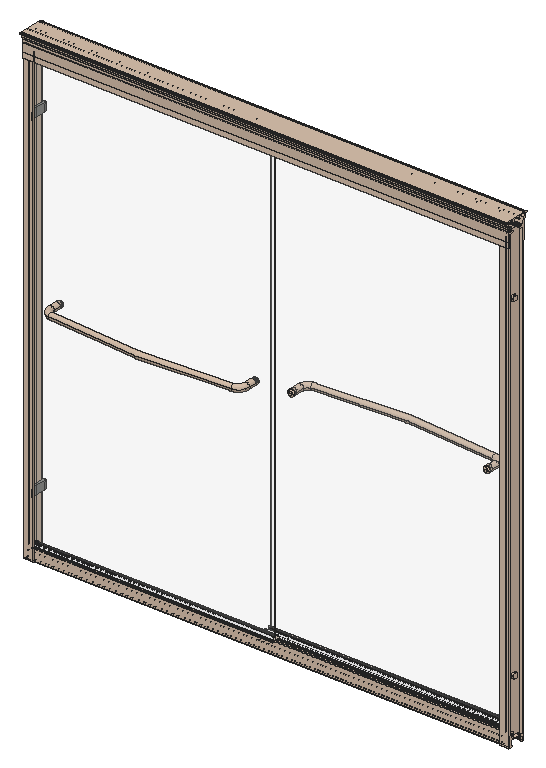
Revit family "Shower-Shower_Door-KOHLER-Fluence-K-702200_1", category Specialty Equipment, host Face, Revit 2021 (continued)
Definition of nested family "K-702200"
  Automatic sketch dimensions
    Revolve 17 sketch curve to Revolve 17 sketch curve = 0.12631"
    Revolve 17 sketch curve to Revolve 17 sketch curve = 0.12635"
    Revolve 17 sketch curve to Revolve 17 sketch curve = 0.02016"
    Revolve 17 sketch curve to Revolve 17 sketch curve = 0.08587"
    Revolve 18 sketch curve to plane 13 = 0"  (x2)
    Revolve 18 sketch curve to plane 7 = 0.00112"
    plane 21 to Revolve 18 sketch curve = 0.00147"
    plane 7 to Revolve 18 sketch curve = 0.16546"
    Revolve 18 sketch curve to Revolve 18 sketch curve = 0.00448"
    Revolve 18 sketch curve to Revolve 18 sketch curve = 0.04474"
    Revolve 18 sketch curve to Revolve 18 sketch curve = 0.093"
    Revolve 18 sketch curve to Revolve 18 sketch curve = 0.59782"
    Revolve 18 sketch curve to plane 21 = 0.12506"
    Revolve 18 sketch curve to Revolve 18 sketch curve = 0.01727"
    plane 21 to Revolve 18 sketch curve = 0.044"
    Revolve 18 sketch curve to Revolve 18 sketch curve = 0"  (x2)
    Revolve 18 sketch curve to Revolve 18 sketch curve = 0.19685"
    Revolve 19 sketch curve to plane 22 = 0"  (x2)
    Revolve 19 sketch curve to plane 1 "Center (Front/Back)" = 0.68181"
    Revolve 19 sketch curve to Revolve 19 sketch curve = 0.03009"  (x2)
    Revolve 19 sketch curve to Revolve 19 sketch curve = 0.18985"
    Revolve 19 sketch curve to Revolve 19 sketch curve = 0.03006"
    Revolve 19 sketch curve to Revolve 19 sketch curve = 0.11005"
    Revolve 19 sketch curve to Revolve 19 sketch curve = 0.02401"  (x2)
    Revolve 19 sketch curve to Revolve 19 sketch curve = 0.19521"
    Revolve 19 sketch curve to Revolve 19 sketch curve = 0.12631"
    Revolve 19 sketch curve to Revolve 19 sketch curve = 0.12635"
    Revolve 19 sketch curve to Revolve 19 sketch curve = 0.08587"
    Revolve 19 sketch curve to Revolve 19 sketch curve = 0.02016"
    Extrusion 20 sketch curve to plane 4 = 0"
    Extrusion 20 sketch curve to plane 4 = 0.0005"
    Extrusion 20 sketch curve to plane 4 = 0.41663"
    Extrusion 20 sketch curve to plane 12 = 0.44552"
    Extrusion 20 sketch curve to plane 12 = 0.44436"
    Extrusion 20 sketch curve to Extrusion 20 sketch curve = 0.01986"
    Extrusion 20 sketch curve to Extrusion 20 sketch curve = 0.008"
    Extrusion 20 sketch curve to plane 12 = 0.39863"
    Extrusion 20 sketch curve to plane 12 = 0.38773"
    Extrusion 20 sketch curve to Extrusion 20 sketch curve = 0.042"
    Extrusion 20 sketch curve to Extrusion 20 sketch curve = 0.02094"
    Extrusion 20 sketch curve to plane 23 = 0.04592"
    plane 9 "F" to Extrusion 20 sketch curve = 10.956"
    Extrusion 20 sketch curve to Extrusion 20 sketch curve = 1.71819"
    Extrusion 20 sketch curve to Extrusion 20 sketch curve = 3.79"
    Extrusion 20 sketch curve to plane 1 "Center (Front/Back)" = 0.51996"
    Extrusion 20 sketch curve to plane 1 "Center (Front/Back)" = 0.5373"
    Extrusion 20 sketch curve to Extrusion 20 sketch curve = 0.04958"
    Extrusion 20 sketch curve to Extrusion 20 sketch curve = 0.02083"
    Extrusion 20 sketch curve to Extrusion 20 sketch curve = 0.02103"
    plane 16 to Extrusion 20 sketch curve = 0.59481"
    Extrusion 20 sketch curve to Extrusion 20 sketch curve = 0.02786"
    Extrusion 20 sketch curve to Extrusion 20 sketch curve = 0"  (x2)
    Extrusion 21 sketch curve to plane 1 "Center (Front/Back)" = 0.59262"
    Extrusion 21 sketch curve to Extrusion 21 sketch curve = 0.41273"
    Extrusion 21 sketch curve to Extrusion 21 sketch curve = 0.00527"
    Extrusion 21 sketch curve to Extrusion 21 sketch curve = 0.05956"
    Extrusion 21 sketch curve to plane 7 = 0.47636"
    Extrusion 21 sketch curve to Extrusion 21 sketch curve = 0.05628"
    Extrusion 21 sketch curve to Extrusion 21 sketch curve = 0.00201"
    plane 16 to Extrusion 21 sketch curve = 0.58954"
    Extrusion 21 sketch curve to level = 0.19685"
    level to Extrusion 21 sketch curve = 0.74685"
    level to Extrusion 21 sketch curve = 0.79512"
    Extrusion 21 sketch curve to Extrusion 21 sketch curve = 0.05626"
    Extrusion 21 sketch curve to Extrusion 21 sketch curve = 0.72091"
    Extrusion 21 sketch curve to Extrusion 21 sketch curve = 0.00208"
    Extrusion 21 sketch curve to Extrusion 21 sketch curve = 0.03712"
    Revolve 22 sketch curve to plane 14 = 0"  (x2)
    Revolve 22 sketch curve to plane 1 "Center (Front/Back)" = 0.68717"
    Revolve 22 sketch curve to plane 14 = 0.00185"
    Revolve 22 sketch curve to Revolve 22 sketch curve = 0.0083"
    Revolve 22 sketch curve to plane 7 = 0.21371"
    Revolve 22 sketch curve to Revolve 22 sketch curve = 0.04896"
    plane 7 to Revolve 22 sketch curve = 0.00287"
    Revolve 22 sketch curve to Revolve 22 sketch curve = 0.0579"
    Revolve 22 sketch curve to Revolve 22 sketch curve = 0.12511"
    Revolve 22 sketch curve to Revolve 22 sketch curve = 0"  (x2)
    Revolve 22 sketch curve to Revolve 22 sketch curve = 0.19685"
    Revolve 23 sketch curve to plane 15 = 0"  (x2)
    Revolve 23 sketch curve to plane 1 "Center (Front/Back)" = 0.68717"
    Revolve 23 sketch curve to plane 15 = 0.00185"
    Revolve 23 sketch curve to Revolve 23 sketch curve = 0.0083"
    Revolve 23 sketch curve to plane 7 = 0.30671"
    plane 20 to Revolve 23 sketch curve = 0.12506"
    Revolve 23 sketch curve to Revolve 23 sketch curve = 0.093"
    Revolve 23 sketch curve to plane 20 = 0.00005"
    Revolve 23 sketch curve to Revolve 23 sketch curve = 0.04896"
    plane 7 to Revolve 23 sketch curve = 0.00287"
    Revolve 23 sketch curve to plane 20 = 0.04397"
    Revolve 23 sketch curve to Revolve 23 sketch curve = 0"  (x2)
    Revolve 23 sketch curve to Revolve 23 sketch curve = 0.19685"
    plane 5 to Extrusion 24 sketch curve = 0.08051"
    Extrusion 24 sketch curve to Extrusion 24 sketch curve = 0.00694"
    Extrusion 24 sketch curve to Extrusion 24 sketch curve = 0.45423"
    plane 5 to Extrusion 24 sketch curve = 0.595"
    Extrusion 24 sketch curve to Extrusion 24 sketch curve = 0.12318"
    Extrusion 24 sketch curve to Extrusion 24 sketch curve = 0.12057"
    Extrusion 24 sketch curve to Extrusion 24 sketch curve = 0.3745"
    Extrusion 24 sketch curve to plane 1 "Center (Front/Back)" = 0.615"
    Extrusion 24 sketch curve to Extrusion 24 sketch curve = 0.00654"
    plane 16 to Extrusion 24 sketch curve = 0.5799"
    Extrusion 24 sketch curve to Extrusion 24 sketch curve = 0.00758"
    Extrusion 24 sketch curve to Extrusion 24 sketch curve = 0.03476"
    Extrusion 26 sketch curve to plane 12 = 0.17076"
    Extrusion 26 sketch curve to plane 12 = 0.22147"
    Extrusion 26 sketch curve to Extrusion 26 sketch curve = 0.12057"
    Extrusion 26 sketch curve to Extrusion 26 sketch curve = 0.05332"
    Extrusion 26 sketch curve to plane 4 = 0.10812"
    Extrusion 26 sketch curve to Extrusion 26 sketch curve = 0.00694"
    plane 16 to Extrusion 26 sketch curve = 0.33109"
    plane 16 to Extrusion 26 sketch curve = 0.45018"
    Extrusion 26 sketch curve to Extrusion 26 sketch curve = 0.03406"
    Extrusion 26 sketch curve to plane 1 "Center (Front/Back)" = 0.62154"
    Extrusion 26 sketch curve to Extrusion 26 sketch curve = 0.00654"
    plane 12 to Extrusion 27 sketch curve = 0.08317"
    Extrusion 27 sketch curve to plane 1 "Center (Front/Back)" = 0.615"
    Extrusion 27 sketch curve to Extrusion 27 sketch curve = 0.00654"
    plane 16 to Extrusion 27 sketch curve = 0.5799"
    Extrusion 27 sketch curve to Extrusion 27 sketch curve = 0.00758"
    Extrusion 27 sketch curve to Extrusion 27 sketch curve = 0.05332"
    Extrusion 27 sketch curve to Extrusion 27 sketch curve = 0.03476"
    Extrusion 27 sketch curve to plane 4 = 0.10118"
    Extrusion 27 sketch curve to Extrusion 27 sketch curve = 0.03406"
    Extrusion 27 sketch curve to plane 12 = 0.22147"
    Extrusion 27 sketch curve to Extrusion 27 sketch curve = 0.18791"
    Extrusion 27 sketch curve to Extrusion 27 sketch curve = 0.17389"
    plane 19 to Sweep 28 sketch curve = 0.12498"
    Sweep 28 sketch curve to plane 1 "Center (Front/Back)" = 0.06131"
    Sweep 28 sketch curve to Sweep 28 sketch curve = 0.59055"
    Sweep 28 sketch curve to plane 25 = 0.00009"
    Sweep 28 sketch curve to plane 1 "Center (Front/Back)" = 0.06129"
    plane 20 to Sweep 28 sketch curve = 0.71552"
    plane 20 to Sweep 28 sketch curve = 0.12497"
    plane 8 to Sweep 28 sketch curve = 73.16496"
    Sweep 28 sketch curve to Sweep 28 sketch curve = 0"
    Sweep 28 sketch curve to plane 7 = 0.58499"  (x2)
    profile plane to Sweep 28 sketch curve = 0.37497"
    profile plane to Sweep 28 sketch curve = 28.85501"
    Extrusion 29 sketch curve to plane 7 = 0.23353"
    Extrusion 29 sketch curve to plane 7 = 0.11031"  (x2)
    plane 7 to Extrusion 29 sketch curve = 0.1283"
    plane 7 to Extrusion 29 sketch curve = 0.12832"
    Extrusion 29 sketch curve to Extrusion 29 sketch curve = 0.12323"
    Extrusion 29 sketch curve to plane 22 = 8.19157"
    Extrusion 29 sketch curve to Extrusion 29 sketch curve = 0.23849"
    Extrusion 30 sketch curve to plane 7 = 0.23353"
    Extrusion 30 sketch curve to plane 7 = 0.11031"  (x2)
    plane 7 to Extrusion 30 sketch curve = 0.1283"
    plane 7 to Extrusion 30 sketch curve = 0.12832"
    Extrusion 30 sketch curve to Extrusion 30 sketch curve = 0.12323"
    level to Extrusion 30 sketch curve = 7.25752"
    Extrusion 30 sketch curve to Extrusion 30 sketch curve = 0.23849"
    Extrusion 31 sketch curve to plane 7 = 0.23353"
    Extrusion 31 sketch curve to plane 7 = 0.11031"  (x2)
    plane 7 to Extrusion 31 sketch curve = 0.1283"
    plane 7 to Extrusion 31 sketch curve = 0.12832"
    Extrusion 31 sketch curve to Extrusion 31 sketch curve = 0.12323"
    Extrusion 31 sketch curve to plane 22 = 8.19157"
    Extrusion 31 sketch curve to Extrusion 31 sketch curve = 0.23849"
    Extrusion 32 sketch curve to plane 7 = 0.23353"
    Extrusion 32 sketch curve to plane 7 = 0.11031"  (x2)
    plane 7 to Extrusion 32 sketch curve = 0.1283"
    plane 7 to Extrusion 32 sketch curve = 0.12832"
    Extrusion 32 sketch curve to Extrusion 32 sketch curve = 0.12323"
    level to Extrusion 32 sketch curve = 7.25752"
    Extrusion 32 sketch curve to Extrusion 32 sketch curve = 0.23849"
    plane 5 to Extrusion 25 sketch curve = 0.08051"
    Extrusion 25 sketch curve to Extrusion 25 sketch curve = 0.00694"
    plane 28 to Extrusion 25 sketch curve = 0.00968"
    plane 28 to Extrusion 25 sketch curve = 0.063"
    plane 28 to Extrusion 25 sketch curve = 0.13286"
    Extrusion 25 sketch curve to Extrusion 25 sketch curve = 0.12057"
    Extrusion 25 sketch curve to Extrusion 25 sketch curve = 0.3745"
    Extrusion 25 sketch curve to plane 1 "Center (Front/Back)" = 0.615"
    Extrusion 25 sketch curve to Extrusion 25 sketch curve = 0.00654"
    plane 16 to Extrusion 25 sketch curve = 0.5799"
    Extrusion 25 sketch curve to Extrusion 25 sketch curve = 0.00758"
    Extrusion 25 sketch curve to Extrusion 25 sketch curve = 0.03476"
    Extrusion 33 sketch curve to plane 7 = 0.5857"
    Extrusion 33 sketch curve to Extrusion 33 sketch curve = 0.00346"
    Extrusion 33 sketch curve to Extrusion 33 sketch curve = 0.01839"
    Extrusion 33 sketch curve to Extrusion 33 sketch curve = 0.01999"
    Extrusion 33 sketch curve to Extrusion 33 sketch curve = 0.00072"
    Extrusion 33 sketch curve to Extrusion 33 sketch curve = 0.09112"
    Extrusion 33 sketch curve to Extrusion 33 sketch curve = 0.00176"
    plane 7 to Extrusion 33 sketch curve = 0.04934"
    plane 7 to Extrusion 33 sketch curve = 0.05173"
    Extrusion 33 sketch curve to Extrusion 33 sketch curve = 0.0684"
    plane 7 to Extrusion 33 sketch curve = 0.1433"
    Extrusion 33 sketch curve to Extrusion 33 sketch curve = 0.05416"
    Extrusion 33 sketch curve to Extrusion 33 sketch curve = 0.10844"
    Extrusion 33 sketch curve to Extrusion 33 sketch curve = 0.05818"
    Extrusion 33 sketch curve to Extrusion 33 sketch curve = 0.26747"
    Extrusion 33 sketch curve to Extrusion 33 sketch curve = 0.0665"  (x2)
    Extrusion 33 sketch curve to Extrusion 33 sketch curve = 0.0689"
    Extrusion 33 sketch curve to Extrusion 33 sketch curve = 0.41883"
    Extrusion 33 sketch curve to Extrusion 33 sketch curve = 0.00222"
    Extrusion 33 sketch curve to Extrusion 33 sketch curve = 0.04242"
    Extrusion 33 sketch curve to Extrusion 33 sketch curve = 0.0029"
    Extrusion 33 sketch curve to Extrusion 33 sketch curve = 0.06345"
    Extrusion 33 sketch curve to Extrusion 33 sketch curve = 0.5986"
    Extrusion 33 sketch curve to Extrusion 33 sketch curve = 0.08311"
    level to Extrusion 33 sketch curve = 0.16565"
    Extrusion 33 sketch curve to Extrusion 33 sketch curve = 0.0041"
    Extrusion 33 sketch curve to Extrusion 33 sketch curve = 0.02081"
    Extrusion 33 sketch curve to Extrusion 33 sketch curve = 1/16"
    Extrusion 33 sketch curve to Extrusion 33 sketch curve = 0.0644"
    Extrusion 33 sketch curve to Extrusion 33 sketch curve = 0.02063"
    Extrusion 33 sketch curve to Extrusion 33 sketch curve = 0.46909"
    Extrusion 33 sketch curve to Extrusion 33 sketch curve = 0.00073"
    level to Extrusion 33 sketch curve = 0.76962"
    Extrusion 33 sketch curve to Extrusion 33 sketch curve = 0.02071"
    Extrusion 33 sketch curve to Extrusion 33 sketch curve = 0.08163"
    Extrusion 33 sketch curve to Extrusion 33 sketch curve = 0.01463"
    Extrusion 33 sketch curve to Extrusion 33 sketch curve = 0.03407"
    Extrusion 33 sketch curve to Extrusion 33 sketch curve = 0.01413"
    Extrusion 33 sketch curve to Extrusion 33 sketch curve = 0.02214"
    Extrusion 33 sketch curve to Extrusion 33 sketch curve = 0.06123"
    Extrusion 33 sketch curve to Extrusion 33 sketch curve = 0.06579"
    Extrusion 33 sketch curve to Extrusion 33 sketch curve = 0.06601"
    Extrusion 33 sketch curve to Extrusion 33 sketch curve = 0.05027"
    Extrusion 33 sketch curve to Extrusion 33 sketch curve = 0.68789"
    Extrusion 33 sketch curve to Extrusion 33 sketch curve = 0.00107"
    Extrusion 33 sketch curve to Extrusion 33 sketch curve = 0.00203"
    Extrusion 33 sketch curve to Extrusion 33 sketch curve = 0.05419"
    Masking region 1 sketch curve to plane 5 = 0"
    plane 1 "Center (Front/Back)" to Masking region 1 sketch curve = 0"  (x3)
    plane 16 to Masking region 1 sketch curve = 0"  (x3)
    Masking region 1 sketch curve to plane 17 = 0"
    Masking region 1 sketch curve to plane 14 = 0.37304"
    plane 19 to Masking region 1 sketch curve = 0.13216"
    Masking region 1 sketch curve to plane 1 "Center (Front/Back)" = 0.00954"
    Masking region 1 sketch curve to Masking region 1 sketch curve = 0.53292"
    Masking region 1 sketch curve to Masking region 1 sketch curve = 0.02643"
    plane 25 to Masking region 1 sketch curve = 0.04914"
    Masking region 1 sketch curve to plane 25 = 0.00163"
    Masking region 1 sketch curve to plane 1 "Center (Front/Back)" = 0.14498"
    plane 20 to Masking region 1 sketch curve = 0.78254"
    Masking region 1 sketch curve to Masking region 1 sketch curve = 0.07413"
    plane 20 to Masking region 1 sketch curve = 0.1299"
    Masking region 1 sketch curve to plane 21 = 0.12804"
    plane 16 to Masking region 1 sketch curve = 0.0203"  (x2)
    Masking region 1 sketch curve to Masking region 1 sketch curve = 0.54405"
    Masking region 1 sketch curve to Masking region 1 sketch curve = 0.04748"
    Masking region 1 sketch curve to Masking region 1 sketch curve = 0.04084"
    Masking region 1 sketch curve to plane 17 = 0.0193"
    plane 16 to Masking region 1 sketch curve = 17/256"
    Masking region 1 sketch curve to plane 18 = 0.76041"
    Masking region 1 sketch curve to Masking region 1 sketch curve = 0.06172"
    Masking region 1 sketch curve to Masking region 1 sketch curve = 0.0266"
    Masking region 1 sketch curve to plane 18 = 0.1368"
    plane 11 to Masking region 1 sketch curve = 0.37536"
    plane 9 "F" to Masking region 1 sketch curve = 71.37482"
    Masking region 1 sketch curve to Masking region 1 sketch curve = 3.33257"
    Masking region 1 sketch curve to plane 1 "Center (Front/Back)" = 0.04057"
    Masking region 1 sketch curve to plane 1 "Center (Front/Back)" = 0.05871"
    Masking region 1 sketch curve to Masking region 1 sketch curve = 0.04612"
    Masking region 1 sketch curve to Masking region 1 sketch curve = 0.00014"
    Masking region 1 sketch curve to Masking region 1 sketch curve = 0.02216"
    plane 8 to Masking region 1 sketch curve = 72.73374"
    Masking region 1 sketch curve to Masking region 1 sketch curve = 4.57117"
    Masking region 1 sketch curve to Masking region 1 sketch curve = 0"  (x4)
    Masking region 1 sketch curve to plane 21 = 0.3327"
    Masking region 1 sketch curve to plane 18 = 0.3327"
    Extrusion 1 sketch curve to level = 0"  (x2)
    Extrusion 1 sketch curve to level = 0.05241"
    Extrusion 1 sketch curve to plane 1 "Center (Front/Back)" = 0.5891"
    level to Extrusion 1 sketch curve = 0.01987"
    Extrusion 1 sketch curve to Extrusion 1 sketch curve = 0.0419"
    Extrusion 1 sketch curve to Extrusion 1 sketch curve = 0.06566"
    Extrusion 1 sketch curve to Extrusion 1 sketch curve = 0.01104"
    Extrusion 1 sketch curve to Extrusion 1 sketch curve = 0.045"  (x2)
    Extrusion 1 sketch curve to Extrusion 1 sketch curve = 0.01427"
    Extrusion 1 sketch curve to Extrusion 1 sketch curve = 0.04235"
    Extrusion 1 sketch curve to Extrusion 1 sketch curve = 0.00728"
    Extrusion 1 sketch curve to Extrusion 1 sketch curve = 0.02382"
    Extrusion 1 sketch curve to Extrusion 1 sketch curve = 0.08252"
    Extrusion 1 sketch curve to Extrusion 1 sketch curve = 0.00457"
    Extrusion 1 sketch curve to Extrusion 1 sketch curve = 0.0068"
    Extrusion 1 sketch curve to Extrusion 1 sketch curve = 0.03381"
    Extrusion 1 sketch curve to Extrusion 1 sketch curve = 0.00139"
    Extrusion 1 sketch curve to Extrusion 1 sketch curve = 0.0459"
    Extrusion 1 sketch curve to plane 7 = 0.65452"
    Extrusion 1 sketch curve to Extrusion 1 sketch curve = 0.05523"
    Extrusion 1 sketch curve to Extrusion 1 sketch curve = 0.25673"
    Extrusion 1 sketch curve to Extrusion 1 sketch curve = 0.0027"
    Extrusion 1 sketch curve to Extrusion 1 sketch curve = 0.05555"
    Extrusion 1 sketch curve to Extrusion 1 sketch curve = 0.01033"
    Extrusion 1 sketch curve to Extrusion 1 sketch curve = 0.01299"
    Extrusion 1 sketch curve to Extrusion 1 sketch curve = 0.01396"
    Extrusion 1 sketch curve to Extrusion 1 sketch curve = 0.01884"
    Extrusion 1 sketch curve to Extrusion 1 sketch curve = 0.02053"
    Extrusion 1 sketch curve to Extrusion 1 sketch curve = 0.00062"
    Extrusion 1 sketch curve to Extrusion 1 sketch curve = 0.00281"
    Extrusion 1 sketch curve to Extrusion 1 sketch curve = 0.02563"
    Extrusion 1 sketch curve to Extrusion 1 sketch curve = 0.02768"
    Extrusion 1 sketch curve to Extrusion 1 sketch curve = 0.01933"
    plane 7 to Extrusion 1 sketch curve = 0.72591"
    Extrusion 1 sketch curve to Extrusion 1 sketch curve = 0.0009"
    Extrusion 1 sketch curve to Extrusion 1 sketch curve = 0.04312"
    Extrusion 1 sketch curve to Extrusion 1 sketch curve = 0.00138"
    Extrusion 1 sketch curve to Extrusion 1 sketch curve = 0.13784"
    Extrusion 1 sketch curve to Extrusion 1 sketch curve = 0.00042"
    Extrusion 1 sketch curve to Extrusion 1 sketch curve = 0.00655"
    Extrusion 1 sketch curve to Extrusion 1 sketch curve = 0.00291"
    Extrusion 1 sketch curve to Extrusion 1 sketch curve = 0.02488"
    Extrusion 1 sketch curve to Extrusion 1 sketch curve = 0.02034"
    Extrusion 1 sketch curve to Extrusion 1 sketch curve = 0.0225"  (x2)
    Extrusion 1 sketch curve to Extrusion 1 sketch curve = 0.02"  (x2)
    Extrusion 1 sketch curve to level = 0.18713"
    level to Extrusion 1 sketch curve = 0.02241"
    Extrusion 1 sketch curve to Extrusion 1 sketch curve = 0.42595"
    Extrusion 1 sketch curve to Extrusion 1 sketch curve = 0.00357"
    Extrusion 1 sketch curve to Extrusion 1 sketch curve = 0.03464"  (x2)
    Extrusion 1 sketch curve to Extrusion 1 sketch curve = 0.0309"
    Extrusion 1 sketch curve to Extrusion 1 sketch curve = 0.03496"
    Extrusion 1 sketch curve to Extrusion 1 sketch curve = 0.02056"
    Extrusion 1 sketch curve to Extrusion 1 sketch curve = 0.01731"
    Extrusion 1 sketch curve to Extrusion 1 sketch curve = 0.58451"
    Extrusion 1 sketch curve to Extrusion 1 sketch curve = 0.02114"
    Extrusion 1 sketch curve to Extrusion 1 sketch curve = 0.09455"
    Extrusion 1 sketch curve to Extrusion 1 sketch curve = 0.01935"
    Extrusion 1 sketch curve to Extrusion 1 sketch curve = 0.0698"
    Extrusion 1 sketch curve to Extrusion 1 sketch curve = 0.001"  (x2)
    Extrusion 1 sketch curve to Extrusion 1 sketch curve = 0.5565"
    Extrusion 1 sketch curve to Extrusion 1 sketch curve = 0.00966"
    Extrusion 1 sketch curve to Extrusion 1 sketch curve = 0.011"
    Extrusion 1 sketch curve to Extrusion 1 sketch curve = 0.02769"
    Extrusion 1 sketch curve to Extrusion 1 sketch curve = 0.0121"
    Extrusion 1 sketch curve to Extrusion 1 sketch curve = 0.01124"
    curve 18 to plane 5 = 0"
    curve 17 to plane 5 = 0"
    plane 1 "Center (Front/Back)" to curve 15 = 0"
    plane 1 "Center (Front/Back)" to curve 13 = 0"
    plane 16 to curve 12 = 0"
    plane 16 to curve 14 = 0"
    curve 18 to plane 4 = 0"
    curve 17 to plane 4 = 0"
    curve 15 to plane 14 = 0.37304"
    plane 19 to curve 15 = 0.13216"
    plane 20 to curve 13 = 0.1299"
    plane 15 to curve 13 = 0.38502"
    curve 12 to plane 13 = 0.37536"
    curve 12 to plane 21 = 0.12804"
    curve 14 to plane 18 = 0.1368"
    plane 11 to curve 14 = 0.37536"
    curve 18 to plane 1 "Center (Front/Back)" = 0.04923"
    plane 16 to curve 17 = 0.04923"
    Masking region 3 sketch curve to level = 0"  (x4)
    Masking region 3 sketch curve to plane 22 = 1.33233"  (x4)
    plane 9 "F" to Masking region 3 sketch curve = 10.40283"
    plane 6 to Masking region 3 sketch curve = 1.9575"  (x2)
    Masking region 3 sketch curve to Masking region 3 sketch curve = 2.07992"
    Masking region 3 sketch curve to Masking region 3 sketch curve = 2.92453"
    Masking region 3 sketch curve to plane 22 = 0.91156"  (x2)
    plane 9 "F" to Masking region 3 sketch curve = 2.97667"
    plane 9 "F" to Masking region 3 sketch curve = 0.57536"
    Masking region 3 sketch curve to plane 9 "F" = 0.37502"
    Masking region 3 sketch curve to plane 22 = 0.24782"  (x2)
    Masking region 3 sketch curve to plane 9 "F" = 0.51923"
    plane 22 to Masking region 3 sketch curve = 0.1588"
    Masking region 3 sketch curve to Masking region 3 sketch curve = 0.69869"
    Masking region 3 sketch curve to Masking region 3 sketch curve = 0.13409"
    Masking region 3 sketch curve to Masking region 3 sketch curve = 0.01329"  (x2)
    plane 1 "Center (Front/Back)" to Masking region 3 sketch curve = 0.3513"
    plane 1 "Center (Front/Back)" to Masking region 3 sketch curve = 0.00236"
    Masking region 3 sketch curve to plane 1 "Center (Front/Back)" = 0.03283"
    Masking region 3 sketch curve to Masking region 3 sketch curve = 0.00993"  (x2)
    Masking region 3 sketch curve to Masking region 3 sketch curve = 0.09663"
    Masking region 3 sketch curve to plane 1 "Center (Front/Back)" = 0.19164"
    Masking region 3 sketch curve to plane 1 "Center (Front/Back)" = 0.45164"
    Masking region 3 sketch curve to plane 22 = 0.29733"
    Masking region 3 sketch curve to plane 1 "Center (Front/Back)" = 0.49301"
    Masking region 3 sketch curve to Masking region 3 sketch curve = 0.00942"  (x2)
    Masking region 3 sketch curve to Masking region 3 sketch curve = 0.01422"  (x2)
    plane 10 to Masking region 3 sketch curve = 0.37503"  (x2)
    Masking region 3 sketch curve to plane 1 "Center (Front/Back)" = 0.51664"
    Masking region 3 sketch curve to plane 1 "Center (Front/Back)" = 0.51668"
    Masking region 3 sketch curve to Masking region 3 sketch curve = 0.06276"  (x2)
    Masking region 3 sketch curve to Masking region 3 sketch curve = 0.06792"
    Masking region 3 sketch curve to Masking region 3 sketch curve = 0.0031"
    Masking region 3 sketch curve to Masking region 3 sketch curve = 0.03026"
    Masking region 3 sketch curve to Masking region 3 sketch curve = 0.01474"  (x2)
    Masking region 3 sketch curve to Masking region 3 sketch curve = 0.06255"
    Masking region 3 sketch curve to Masking region 3 sketch curve = 0.01987"
    Masking region 3 sketch curve to Masking region 3 sketch curve = 0.06566"
    Masking region 3 sketch curve to Masking region 3 sketch curve = 0.02119"  (x2)
    Masking region 3 sketch curve to Masking region 3 sketch curve = 0.01104"
    Masking region 3 sketch curve to Masking region 3 sketch curve = 0.045"  (x2)
    Masking region 3 sketch curve to Masking region 3 sketch curve = 0.03846"
    Masking region 3 sketch curve to Masking region 3 sketch curve = 0.04235"
    Masking region 3 sketch curve to Masking region 3 sketch curve = 0.06239"
    level to Masking region 3 sketch curve = 0.016"
    Masking region 3 sketch curve to Masking region 3 sketch curve = 0.04649"  (x2)
    Masking region 3 sketch curve to Masking region 3 sketch curve = 0.02382"
    Masking region 3 sketch curve to Masking region 3 sketch curve = 0.01516"
    Masking region 3 sketch curve to Masking region 3 sketch curve = 0.03"  (x2)
    Masking region 3 sketch curve to Masking region 3 sketch curve = 0.03005"
    Masking region 3 sketch curve to Masking region 3 sketch curve = 0.01714"
    Masking region 3 sketch curve to Masking region 3 sketch curve = 0.04377"
    Masking region 3 sketch curve to Masking region 3 sketch curve = 0.02666"
    Masking region 3 sketch curve to Masking region 3 sketch curve = 0.01746"
    Masking region 3 sketch curve to Masking region 3 sketch curve = 0.13765"
    Masking region 3 sketch curve to Masking region 3 sketch curve = 0.00459"
    plane 22 to Masking region 3 sketch curve = 0.06456"  (x2)
    Masking region 3 sketch curve to Masking region 3 sketch curve = 0.04044"
    Masking region 3 sketch curve to Masking region 3 sketch curve = 0.16703"
    Masking region 3 sketch curve to Masking region 3 sketch curve = 0.00457"
    Masking region 3 sketch curve to Masking region 3 sketch curve = 0.0068"
    Masking region 3 sketch curve to Masking region 3 sketch curve = 0.03381"
    Masking region 3 sketch curve to Masking region 3 sketch curve = 0.00139"
    Masking region 3 sketch curve to Masking region 3 sketch curve = 0.18987"
    Masking region 3 sketch curve to Masking region 3 sketch curve = 0.19015"
    Masking region 3 sketch curve to Masking region 3 sketch curve = 0.23273"
    Masking region 3 sketch curve to Masking region 3 sketch curve = 0.0459"
    Masking region 3 sketch curve to Masking region 3 sketch curve = 0.00327"
    Masking region 3 sketch curve to Masking region 3 sketch curve = 0.01209"  (x2)
    Masking region 3 sketch curve to Masking region 3 sketch curve = 0.00886"
    Masking region 3 sketch curve to Masking region 3 sketch curve = 0.00571"  (x2)
    Masking region 3 sketch curve to Masking region 3 sketch curve = 0.00252"
    Masking region 3 sketch curve to Masking region 3 sketch curve = 0.00178"
    Masking region 3 sketch curve to Masking region 3 sketch curve = 0.05523"
    Masking region 3 sketch curve to Masking region 3 sketch curve = 0.02986"
    Masking region 3 sketch curve to Masking region 3 sketch curve = 0.01799"
    Masking region 3 sketch curve to Masking region 3 sketch curve = 0.01369"  (x2)
    Masking region 3 sketch curve to Masking region 3 sketch curve = 0.01371"
    Masking region 3 sketch curve to Masking region 3 sketch curve = 0.05555"
    Masking region 3 sketch curve to Masking region 3 sketch curve = 0.01353"
    Masking region 3 sketch curve to Masking region 3 sketch curve = 0.01496"
    Masking region 3 sketch curve to Masking region 3 sketch curve = 0.01713"
    Masking region 3 sketch curve to Masking region 3 sketch curve = 0.06611"
    Masking region 3 sketch curve to Masking region 3 sketch curve = 0.00627"
    Masking region 3 sketch curve to Masking region 3 sketch curve = 0.00675"
    Masking region 3 sketch curve to Masking region 3 sketch curve = 0.00748"
    Masking region 3 sketch curve to Masking region 3 sketch curve = 0.042"  (x2)
    Masking region 3 sketch curve to Masking region 3 sketch curve = 0.01223"
    Masking region 3 sketch curve to Masking region 3 sketch curve = 0.0163"
    Masking region 3 sketch curve to Masking region 3 sketch curve = 0.09759"
    Masking region 3 sketch curve to Masking region 3 sketch curve = 0.02253"  (x2)
    Masking region 3 sketch curve to Masking region 3 sketch curve = 0.00052"
    Masking region 3 sketch curve to Masking region 3 sketch curve = 0.01653"
    Masking region 3 sketch curve to Masking region 3 sketch curve = 0.03231"
    Masking region 3 sketch curve to Masking region 3 sketch curve = 0.01645"
    Masking region 3 sketch curve to Masking region 3 sketch curve = 0.04503"
    Masking region 3 sketch curve to Masking region 3 sketch curve = 0.11005"
    Masking region 3 sketch curve to Masking region 3 sketch curve = 0.05436"
    Masking region 3 sketch curve to Masking region 3 sketch curve = 0.01918"
    Masking region 3 sketch curve to Masking region 3 sketch curve = 0.01399"  (x4)
    Masking region 3 sketch curve to Masking region 3 sketch curve = 0.05645"
    Masking region 3 sketch curve to Masking region 3 sketch curve = 0.03299"
    Masking region 3 sketch curve to Masking region 3 sketch curve = 0.02146"
    Masking region 3 sketch curve to Masking region 3 sketch curve = 7/256"
    Masking region 3 sketch curve to Masking region 3 sketch curve = 0.06967"
    Masking region 3 sketch curve to Masking region 3 sketch curve = 0.04"  (x2)
    Masking region 3 sketch curve to Masking region 3 sketch curve = 0.01519"  (x2)
    Masking region 3 sketch curve to Masking region 3 sketch curve = 0.0605"
    Masking region 3 sketch curve to Masking region 3 sketch curve = 0.05"  (x3)
    Masking region 3 sketch curve to Masking region 3 sketch curve = 0.02047"  (x2)
    Masking region 3 sketch curve to plane 6 = 0.12236"
    plane 7 to Masking region 3 sketch curve = 0.39614"
    plane 7 to Masking region 3 sketch curve = 0.42927"
    Masking region 3 sketch curve to plane 6 = 0.34331"
    Masking region 3 sketch curve to Masking region 3 sketch curve = 0.02049"
    Masking region 3 sketch curve to Masking region 3 sketch curve = 0.04252"
    Masking region 3 sketch curve to Masking region 3 sketch curve = 0.08"
    plane 22 to Masking region 3 sketch curve = 0.21922"
    Masking region 3 sketch curve to Masking region 3 sketch curve = 0.08378"
    Masking region 3 sketch curve to Masking region 3 sketch curve = 0.05532"
    Masking region 3 sketch curve to Masking region 3 sketch curve = 0.02829"
    Masking region 3 sketch curve to Masking region 3 sketch curve = 0.11101"
    Masking region 3 sketch curve to Masking region 3 sketch curve = 0.01228"
    Masking region 3 sketch curve to Masking region 3 sketch curve = 0.0289"  (x2)
    Masking region 3 sketch curve to Masking region 3 sketch curve = 0.08362"
    plane 7 to Masking region 3 sketch curve = 0.72564"
    Masking region 3 sketch curve to Masking region 3 sketch curve = 0.00075"
    Masking region 3 sketch curve to Masking region 3 sketch curve = 0.02144"
    Masking region 3 sketch curve to Masking region 3 sketch curve = 0.12865"
    Masking region 3 sketch curve to Masking region 3 sketch curve = 0.02199"
    Masking region 3 sketch curve to plane 22 = 0.00994"
    Masking region 3 sketch curve to Masking region 3 sketch curve = 0.06759"
    Masking region 3 sketch curve to Masking region 3 sketch curve = 0.1911"
    Masking region 3 sketch curve to Masking region 3 sketch curve = 0.18993"
    Masking region 3 sketch curve to Masking region 3 sketch curve = 0.02999"
    Masking region 3 sketch curve to Masking region 3 sketch curve = 0.01631"
    Masking region 3 sketch curve to Masking region 3 sketch curve = 0.1361"
    Masking region 3 sketch curve to Masking region 3 sketch curve = 0.00188"
    plane 16 to Masking region 3 sketch curve = 0.65156"
    Masking region 3 sketch curve to Masking region 3 sketch curve = 0.02191"
    Masking region 3 sketch curve to Masking region 3 sketch curve = 0.02417"
    plane 16 to Masking region 3 sketch curve = 0.63459"
    Masking region 3 sketch curve to Masking region 3 sketch curve = 0.00143"
    Masking region 3 sketch curve to Masking region 3 sketch curve = 0.01971"
    level to Masking region 3 sketch curve = 0.02031"
    Masking region 3 sketch curve to Masking region 3 sketch curve = 0.02086"
    Masking region 3 sketch curve to Masking region 3 sketch curve = 0.08374"
    Masking region 3 sketch curve to Masking region 3 sketch curve = 0.02"
    plane 16 to Masking region 3 sketch curve = 0.54168"
    Masking region 3 sketch curve to Masking region 3 sketch curve = 0.07469"
    Masking region 3 sketch curve to Masking region 3 sketch curve = 0.02128"
    Masking region 3 sketch curve to Masking region 3 sketch curve = 0.11419"
    plane 16 to Masking region 3 sketch curve = 0.5204"  (x2)
    Masking region 3 sketch curve to Masking region 3 sketch curve = 0.03928"
    Masking region 3 sketch curve to Masking region 3 sketch curve = 0.065"
    Masking region 3 sketch curve to Masking region 3 sketch curve = 0.30533"
    Masking region 3 sketch curve to Masking region 3 sketch curve = 0.30677"
    Masking region 3 sketch curve to Masking region 3 sketch curve = 0.3082"
    Masking region 3 sketch curve to plane 6 = 0.03188"
    plane 16 to Masking region 3 sketch curve = 0.1954"
    Masking region 3 sketch curve to Masking region 3 sketch curve = 0.05224"
    plane 16 to Masking region 3 sketch curve = 0.04653"
    plane 16 to Masking region 3 sketch curve = 0.0014"
    Masking region 3 sketch curve to plane 16 = 0.34754"
    plane 22 to Masking region 3 sketch curve = 0.21268"
    Masking region 3 sketch curve to Masking region 3 sketch curve = 0.33968"
    Masking region 3 sketch curve to Masking region 3 sketch curve = 0.14738"
    Masking region 3 sketch curve to plane 8 = 0.52204"
    Masking region 3 sketch curve to plane 8 = 0.37782"
    plane 8 to Masking region 3 sketch curve = 0.57256"
    Masking region 3 sketch curve to Masking region 3 sketch curve = 2.40131"
    Masking region 3 sketch curve to Masking region 3 sketch curve = 4.37284"
    Masking region 3 sketch curve to Masking region 3 sketch curve = 0.97341"
    Masking region 3 sketch curve to Masking region 3 sketch curve = 3.05332"
    Masking region 3 sketch curve to level = 0.03962"
    Masking region 3 sketch curve to level = 0.05241"
    Masking region 3 sketch curve to Masking region 3 sketch curve = 0.07857"
    Masking region 3 sketch curve to Masking region 3 sketch curve = 0.07928"
    Masking region 3 sketch curve to Masking region 3 sketch curve = 0.04638"
    Masking region 3 sketch curve to Masking region 3 sketch curve = 0.06893"
    level to Masking region 3 sketch curve = 0.01498"
    Masking region 3 sketch curve to Masking region 3 sketch curve = 0.04899"
    Masking region 3 sketch curve to Masking region 3 sketch curve = 0.01499"
    level to Masking region 3 sketch curve = 0.14503"
    Masking region 3 sketch curve to Masking region 3 sketch curve = 0.09467"
    Masking region 3 sketch curve to Masking region 3 sketch curve = 0.30282"
    Masking region 3 sketch curve to Masking region 3 sketch curve = 0.0225"
    Masking region 3 sketch curve to Masking region 3 sketch curve = 0.00338"
    Masking region 3 sketch curve to Masking region 3 sketch curve = 0.03464"  (x2)
    Masking region 3 sketch curve to Masking region 3 sketch curve = 0.06005"
    Masking region 3 sketch curve to Masking region 3 sketch curve = 0.0423"
    Masking region 3 sketch curve to Masking region 3 sketch curve = 0.58465"
    Masking region 3 sketch curve to Masking region 3 sketch curve = 0.01818"
    Masking region 3 sketch curve to Masking region 3 sketch curve = 0.05478"
    Masking region 3 sketch curve to Masking region 3 sketch curve = 0.06452"
    Masking region 3 sketch curve to Masking region 3 sketch curve = 0.02964"
    Masking region 3 sketch curve to Masking region 3 sketch curve = 0.0038"
    Masking region 3 sketch curve to Masking region 3 sketch curve = 0.004"
    Masking region 3 sketch curve to Masking region 3 sketch curve = 0.00787"
    Masking region 3 sketch curve to Masking region 3 sketch curve = 0.01919"
    Masking region 3 sketch curve to Masking region 3 sketch curve = 0.00421"
    Masking region 3 sketch curve to Masking region 3 sketch curve = 0.04178"
    Masking region 3 sketch curve to Masking region 3 sketch curve = 0.00065"
    Masking region 3 sketch curve to Masking region 3 sketch curve = 0.36838"
    Masking region 3 sketch curve to Masking region 3 sketch curve = 0"  (x31)
    Masking region 3 sketch curve to Masking region 3 sketch curve = 0.06418"
    Masking region 3 sketch curve to Masking region 3 sketch curve = 0.0118"
    Masking region 3 sketch curve to Masking region 3 sketch curve = 0.02019"
    Masking region 3 sketch curve to Masking region 3 sketch curve = 0.04827"
    Masking region 3 sketch curve to Masking region 3 sketch curve = 0.02081"
    Masking region 3 sketch curve to Masking region 3 sketch curve = 0.87059"
    Masking region 3 sketch curve to Masking region 3 sketch curve = 0.15839"
    Masking region 3 sketch curve to Masking region 3 sketch curve = 0.08503"
    Masking region 3 sketch curve to Masking region 3 sketch curve = 0.01229"
    Masking region 3 sketch curve to Masking region 3 sketch curve = 0.04499"
    Masking region 3 sketch curve to Masking region 3 sketch curve = 0.04242"
    Masking region 3 sketch curve to Masking region 3 sketch curve = 0.03191"
    Masking region 3 sketch curve to Masking region 3 sketch curve = 0.02778"
    Masking region 3 sketch curve to Masking region 3 sketch curve = 0.02727"
    Masking region 3 sketch curve to Masking region 3 sketch curve = 0.10019"
    Masking region 3 sketch curve to Masking region 3 sketch curve = 5.42049"
    Masking region 3 sketch curve to Masking region 3 sketch curve = 3/8"
    Masking region 3 sketch curve to plane 10 = 3/8"  (x2)
    Masking region 3 sketch curve to Masking region 3 sketch curve = 7.08968"
    Masking region 3 sketch curve to Masking region 3 sketch curve = 0.36307"
    Masking region 3 sketch curve to Masking region 3 sketch curve = 0.64"  (x2)
    Masking region 3 sketch curve to plane 22 = 0.49909"  (x2)
    Masking region 3 sketch curve to plane 22 = 0.44908"
    Masking region 3 sketch curve to Masking region 3 sketch curve = 0.03864"  (x2)
    Masking region 3 sketch curve to Masking region 3 sketch curve = 0.06623"  (x2)
    Masking region 3 sketch curve to Masking region 3 sketch curve = 0.07345"
    Masking region 3 sketch curve to Masking region 3 sketch curve = 0.03481"
    Masking region 3 sketch curve to Masking region 3 sketch curve = 0.02051"
    Masking region 3 sketch curve to Masking region 3 sketch curve = 0.04811"
    Masking region 3 sketch curve to Masking region 3 sketch curve = 0.01492"
    Masking region 3 sketch curve to Masking region 3 sketch curve = 0.04218"
    Masking region 3 sketch curve to Masking region 3 sketch curve = 0.01507"
    Masking region 3 sketch curve to Masking region 3 sketch curve = 0.01514"
    Masking region 3 sketch curve to Masking region 3 sketch curve = 0.03008"  (x2)
    Masking region 3 sketch curve to Masking region 3 sketch curve = 0.00276"  (x2)
    Masking region 3 sketch curve to Masking region 3 sketch curve = 0.00093"  (x2)
    Masking region 3 sketch curve to Masking region 3 sketch curve = 0.02711"
    Masking region 3 sketch curve to Masking region 3 sketch curve = 0.02252"  (x2)
    Masking region 3 sketch curve to Masking region 3 sketch curve = 0.07005"  (x2)
    Masking region 3 sketch curve to Masking region 3 sketch curve = 0.02785"  (x2)
    Masking region 3 sketch curve to Masking region 3 sketch curve = 0.02746"  (x4)
    Masking region 3 sketch curve to Masking region 3 sketch curve = 0.05568"  (x2)
    Masking region 3 sketch curve to Masking region 3 sketch curve = 0.03342"
    Masking region 3 sketch curve to Masking region 3 sketch curve = 0.05388"  (x2)
    plane 22 to Masking region 3 sketch curve = 0.19176"
    Masking region 3 sketch curve to Masking region 3 sketch curve = 0.02571"
    Masking region 3 sketch curve to Masking region 3 sketch curve = 0.05317"
    Masking region 3 sketch curve to Masking region 3 sketch curve = 0.08023"  (x2)
    Masking region 3 sketch curve to Masking region 3 sketch curve = 0.1262"  (x2)
    Masking region 3 sketch curve to Masking region 3 sketch curve = 0.12635"
    Masking region 3 sketch curve to Masking region 3 sketch curve = 0.1273"
    Masking region 3 sketch curve to Masking region 3 sketch curve = 0.13557"
    Masking region 3 sketch curve to Masking region 3 sketch curve = 0.16367"
    Masking region 3 sketch curve to Masking region 3 sketch curve = 0.26332"  (x2)
    Masking region 3 sketch curve to Masking region 3 sketch curve = 0.06527"  (x2)
    Masking region 3 sketch curve to Masking region 3 sketch curve = 0.05973"
    Masking region 3 sketch curve to Masking region 3 sketch curve = 0.01057"  (x2)
    Masking region 3 sketch curve to Masking region 3 sketch curve = 0.00058"
    Masking region 3 sketch curve to Masking region 3 sketch curve = 0.00002"
    Masking region 3 sketch curve to Masking region 3 sketch curve = 0.016"  (x2)
    Masking region 3 sketch curve to plane 6 = 0.05992"  (x2)
    Masking region 3 sketch curve to Masking region 3 sketch curve = 0.02453"  (x2)
    Masking region 3 sketch curve to plane 6 = 0.02838"  (x2)
    plane 6 to Masking region 3 sketch curve = 0.33797"  (x2)
    plane 22 to Masking region 3 sketch curve = 0.18189"  (x2)
    Masking region 3 sketch curve to plane 22 = 33/256"
    Masking region 3 sketch curve to Masking region 3 sketch curve = 0.00096"
    Masking region 3 sketch curve to Masking region 3 sketch curve = 0.02105"
    Masking region 3 sketch curve to Masking region 3 sketch curve = 0.00004"
    Masking region 3 sketch curve to Masking region 3 sketch curve = 0.03278"
    Masking region 3 sketch curve to Masking region 3 sketch curve = 0.01124"
    Masking region 3 sketch curve to Masking region 3 sketch curve = 0.0849"
    Masking region 3 sketch curve to Masking region 3 sketch curve = 0.00072"
    Masking region 3 sketch curve to Masking region 3 sketch curve = 0.08797"
    Masking region 3 sketch curve to Masking region 3 sketch curve = 0.05275"
    Masking region 3 sketch curve to Masking region 3 sketch curve = 0.00332"
    Masking region 3 sketch curve to Masking region 3 sketch curve = 0.00003"
    curve 78 to curve 86 = 0"  (x2)
    curve 80 to curve 88 = 0"  (x2)
    curve 82 to curve 90 = 0"  (x2)
    curve 84 to curve 92 = 0"  (x2)
    curve 134 to curve 142 = 0"  (x2)
    curve 136 to curve 144 = 0"  (x2)
    curve 138 to curve 146 = 0"  (x2)
    curve 140 to curve 148 = 0"  (x2)
    curve 21 to level = 0"
    curve 20 to level = 0"
    curve 19 to level = 0"
    curve 22 to level = 0"
    curve 68 to level = 0"
    curve 60 to level = 0"
    curve 59 to level = 0"
    curve 58 to level = 0"
    plane 10 to curve 66 = 0"
    plane 1 "Center (Front/Back)" to curve 66 = 0.89503"
    curve 48 to plane 1 "Center (Front/Back)" = 0.61695"
    curve 48 to curve 45 = 0.05765"
    curve 45 to curve 47 = 0.01839"
    curve 47 to curve 44 = 0.00194"
    curve 47 to curve 53 = 0.26193"
    curve 53 to curve 50 = 0.00148"
    curve 53 to curve 32 = 0.01078"
    curve 32 to curve 49 = 0.00026"
    curve 49 to curve 31 = 0.00619"
    curve 49 to curve 41 = 0.02"
    curve 41 to curve 51 = 0.00475"
    curve 41 to curve 42 = 0.00811"
    curve 51 to curve 38 = 0.01739"
    curve 57 to plane 7 = 0.5627"
    curve 32 to curve 35 = 0.03178"
    curve 57 to curve 27 = 0.00335"
    curve 38 to curve 30 = 0.02811"
    curve 30 to curve 29 = 0.03282"
    curve 28 to curve 55 = 0.05429"
    curve 27 to curve 56 = 0.05839"
    curve 56 to curve 34 = 0.00931"
    curve 32 to curve 43 = 0.04904"
    curve 55 to curve 24 = 0.08109"
    curve 33 to curve 33 = 0.00208"
    curve 79 to plane 7 = 0.23617"
    curve 135 to plane 7 = 0.23617"
    curve 79 to curve 87 = 0.00787"
    curve 135 to curve 143 = 0.00787"
    curve 87 to curve 71 = 0.0621"
    curve 143 to curve 127 = 0.0621"
    curve 127 to curve 142 = 0.05503"
    curve 127 to curve 144 = 0.05503"
    curve 89 to plane 7 = 0.11117"
    curve 77 to plane 7 = 0.11117"
    curve 136 to curve 129 = 0.00746"
    curve 78 to curve 70 = 0.00746"
    curve 80 to curve 72 = 0.00746"  (x2)
    curve 134 to curve 125 = 0.00746"
    curve 78 to curve 69 = 0.00746"
    curve 80 to curve 73 = 0.00746"
    plane 7 to curve 55 = 0.07783"
    plane 7 to curve 150 = 0.08192"
    plane 7 to curve 69 = 0.11887"
    plane 7 to curve 73 = 0.11887"
    plane 7 to curve 132 = 0.11887"
    curve 73 to curve 74 = 0"
    plane 7 to curve 130 = 0.11887"
    curve 76 to curve 76 = 0"
    curve 76 to curve 84 = 0.00746"
    curve 132 to curve 141 = 0.00746"
    curve 130 to curve 146 = 0.00746"
    curve 74 to curve 90 = 0.00746"
    curve 82 to curve 75 = 0.05503"
    curve 140 to curve 131 = 0.05503"
    curve 74 to curve 91 = 0.0621"
    curve 132 to curve 147 = 0.0621"
    curve 55 to curve 151 = 0.34094"
    curve 151 to curve 152 = 0.004"
    curve 139 to curve 122 = 0.47628"
    curve 83 to curve 106 = 0.47628"
    curve 139 to curve 115 = 0.47628"
    curve 83 to curve 99 = 0.47628"
    curve 106 to curve 94 = 0.12826"
    curve 122 to curve 110 = 0.12826"
    curve 110 to curve 119 = 0.00749"
    curve 99 to curve 96 = 0.13575"
    curve 115 to curve 112 = 0.13575"
    curve 94 to curve 103 = 0.00749"
    curve 151 to curve 151 = 0.47768"
    curve 151 to curve 153 = 0.0045"
    curve 151 to curve 25 = 0.01663"
    curve 25 to curve 26 = 0"
    curve 151 to curve 24 = 5/256"
    curve 151 to curve 23 = 5/256"
    level to curve 68 = 0.016"
    plane 16 to curve 68 = 0.5864"
    curve 103 to curve 107 = 0.13239"
    curve 112 to curve 116 = 0.13239"
    curve 96 to curve 100 = 0.13239"
    curve 119 to curve 123 = 0.13239"
    plane 16 to curve 149 = 0.53973"
    curve 123 to curve 124 = 0.08134"
    curve 107 to curve 108 = 0.08134"
    curve 116 to curve 118 = 0.08134"
    curve 100 to curve 102 = 0.08134"
    curve 100 to curve 97 = 0.0816"
    curve 123 to curve 120 = 0.0816"
    curve 107 to curve 104 = 0.0816"
    curve 116 to curve 113 = 0.0816"
    curve 104 to curve 95 = 0.00077"
    curve 120 to curve 111 = 0.00077"
    curve 102 to curve 98 = 0.02683"
    curve 124 to curve 121 = 0.02683"
    curve 118 to curve 114 = 0.02683"
    curve 108 to curve 105 = 0.02683"
    curve 120 to curve 109 = 0.0373"
    curve 97 to curve 93 = 0.0373"
    plane 10 to curve 64 = 0"
    curve 64 to plane 16 = 0.89127"
    curve 68 to curve 26 = 0.61848"
    curve 26 to curve 25 = 0.03065"
    curve 25 to curve 23 = 0.0527"
    curve 26 to curve 151 = 0.02227"
    curve 151 to curve 24 = 0.0087"
    curve 151 to curve 151 = 0.01668"
    curve 151 to curve 55 = 0.01191"
    curve 150 to curve 55 = 0.02036"
    curve 55 to curve 24 = 0.00603"
    curve 55 to curve 57 = 0.01746"
    curve 56 to curve 28 = 0.00447"
    curve 33 to curve 33 = 0.06034"
    curve 28 to curve 27 = 0.0541"
    curve 25 to curve 153 = 0.12008"
    curve 151 to curve 152 = 0.11445"
    curve 55 to curve 150 = 0.11712"
    curve 56 to curve 34 = 0.01642"
    curve 34 to curve 50 = 0.46316"
    curve 50 to curve 42 = 0.03637"
    curve 49 to curve 48 = 0.05058"
    curve 42 to curve 43 = 0.09362"
    curve 153 to curve 149 = 0.65713"
    curve 41 to curve 53 = 0.1095"
    curve 53 to curve 32 = 0.00905"
    curve 43 to curve 30 = 0.02731"
    curve 32 to curve 52 = 0.01445"
    curve 51 to curve 49 = 0.00161"
    curve 48 to curve 45 = 0.13092"
    curve 51 to curve 38 = 0.01567"
    curve 30 to curve 29 = 0.02986"
    curve 149 to curve 108 = 5.57147"
    curve 108 to curve 105 = 0.02999"
    curve 108 to curve 107 = 0.0495"
    curve 106 to curve 81 = 0.12878"
    curve 105 to curve 95 = 0.13604"
    curve 95 to curve 104 = 0.00177"
    curve 107 to curve 103 = 0.16552"
    curve 103 to curve 94 = 0"
    curve 73 to curve 80 = 0.05503"
    curve 82 to curve 74 = 0.00746"
    curve 71 to curve 71 = 0.22258"
    curve 75 to curve 75 = 0.22258"
    curve 71 to curve 70 = 0"
    curve 76 to curve 92 = 0.00746"
    curve 94 to curve 93 = 3/8"
    curve 96 to curve 97 = 0.04721"
    curve 97 to curve 100 = 0.1183"
    curve 96 to curve 99 = 0.18503"
    curve 98 to curve 102 = 0.02999"
    curve 124 to plane 22 = 8.35117"
    curve 124 to curve 122 = 0.02999"
    curve 124 to curve 123 = 0.0495"
    curve 122 to curve 137 = 0.12835"
    curve 121 to curve 111 = 0.13604"
    curve 111 to curve 120 = 0.00177"
    curve 123 to curve 119 = 0.16552"
    curve 119 to curve 109 = 0.05414"
    curve 129 to curve 136 = 0.05503"
    curve 128 to curve 126 = 0.22259"
    curve 126 to curve 135 = 0.00746"
    curve 119 to curve 112 = 3/8"
    curve 112 to curve 113 = 0.04721"
    curve 113 to curve 116 = 0.1183"
    curve 116 to curve 114 = 0.01951"
    curve 114 to curve 118 = 0.02999"
    curve 67 to plane 1 "Center (Front/Back)" = 0.08964"
    curve 167 to plane 1 "Center (Front/Back)" = 0.51664"
    curve 67 to curve 168 = 0.427"
    curve 67 to curve 168 = 0.42704"
    curve 21 to plane 1 "Center (Front/Back)" = 0.5247"
    curve 21 to curve 20 = 0.00799"
    curve 20 to curve 19 = 0.03403"
    curve 19 to curve 22 = 0.00799"
    curve 48 to curve 48 = 0.02574"
    curve 48 to curve 48 = 0"
    curve 48 to curve 46 = 0.01265"
    curve 47 to curve 37 = 0.01221"
    curve 160 to plane 1 "Center (Front/Back)" = 0.71041"
    curve 22 to curve 160 = 0.13574"
    curve 37 to curve 36 = 0.01714"
    curve 47 to curve 44 = 0.04083"
    curve 44 to curve 37 = 0.02666"
    curve 37 to curve 36 = 0.01746"
    curve 160 to curve 162 = 0.18987"
    curve 160 to curve 162 = 0.19015"
    curve 52 to curve 53 = 0.03874"
    curve 52 to curve 31 = 0.00252"
    curve 31 to curve 35 = 0.00178"
    curve 162 to curve 161 = 0.02986"
    curve 39 to curve 31 = 0.00356"
    curve 39 to curve 39 = 0.00172"
    curve 39 to curve 40 = 0.00609"
    curve 27 to curve 57 = 0.02181"
    curve 32 to curve 53 = 0.01648"
    curve 50 to curve 51 = 0.00196"
    curve 23 to curve 56 = 0.00129"
    curve 50 to curve 43 = 0.04468"
    curve 43 to curve 54 = 0.00035"
    curve 51 to curve 30 = 0.04503"
    curve 34 to curve 28 = 0"
    curve 161 to curve 164 = 0.11005"
    curve 162 to curve 165 = 0.15412"
    curve 164 to curve 163 = 0.01399"
    curve 54 to curve 43 = 0.03314"
    curve 43 to curve 54 = 0.00006"
    curve 30 to curve 29 = 0.03299"
    curve 165 to curve 165 = 0.08"
    plane 7 to curve 166 = 0.42927"
    plane 22 to curve 158 = 0.19176"
    plane 7 to curve 158 = 0.50927"
    curve 166 to curve 166 = 0.08"
    curve 158 to curve 159 = 0.01399"
    curve 159 to curve 156 = 0.11101"
    curve 156 to curve 157 = 0.0291"
    curve 156 to curve 157 = 0.03008"
    curve 157 to curve 155 = 0.1909"
    curve 157 to curve 155 = 0.18993"
    curve 153 to curve 63 = 0.04574"
    curve 26 to curve 62 = 0.00058"
    curve 62 to curve 59 = 0.008"
    curve 59 to curve 58 = 0.034"
    curve 102 to curve 102 = 0.03"
    curve 149 to curve 61 = 0.01933"
    curve 113 to curve 113 = 0.03026"
    plane 16 to curve 169 = 0.5204"
    plane 16 to curve 154 = 0.5204"
    curve 149 to curve 149 = 15/256"
    curve 102 to curve 99 = 0.02362"
    curve 118 to curve 116 = 0.02362"
    curve 124 to curve 122 = 0.02362"
    curve 108 to curve 106 = 0.02362"
    curve 111 to curve 110 = 0"
    curve 95 to curve 94 = 0"
    curve 120 to curve 119 = 0"
    curve 104 to curve 103 = 0"
    curve 97 to curve 96 = 0"
    curve 113 to curve 112 = 0"
    plane 16 to curve 65 = 0.0934"
    curve 68 to curve 61 = 0.12903"
    curve 60 to curve 26 = 0.10413"
    curve 62 to curve 26 = 0.03484"
    curve 23 to curve 56 = 0.03698"
    curve 46 to curve 48 = 0.02091"
    curve 48 to curve 48 = 0.00884"
    curve 45 to curve 45 = 0.07782"
    curve 45 to curve 46 = 0.01526"
    curve 149 to curve 149 = 0.00076"
    curve 44 to curve 47 = 0.00434"
    curve 31 to curve 39 = 0.00038"
    curve 149 to curve 61 = 0.02536"
    curve 44 to curve 37 = 0.04242"
    curve 47 to curve 37 = 0.04389"
    curve 35 to curve 40 = 0.00244"
    curve 37 to curve 36 = 0.02778"
    curve 37 to curve 36 = 0.02727"
    curve 101 to curve 107 = 0.0054"
    curve 103 to curve 93 = 0"
    curve 100 to curve 101 = 0.00638"
    curve 67 to plane 10 = 3/8"
    curve 168 to plane 10 = 3/8"
    curve 66 to plane 10 = 3/8"
    curve 64 to plane 10 = 3/8"
    curve 65 to plane 10 = 3/8"
    curve 169 to plane 10 = 3/8"
    plane 10 to curve 65 = 0.37503"
    plane 10 to curve 169 = 0.37503"
    plane 10 to curve 67 = 0.37503"
    plane 10 to curve 168 = 0.37503"
    curve 117 to curve 123 = 0.00596"
    curve 119 to curve 109 = 0"
    curve 116 to curve 117 = 0.00397"
    curve 167 to plane 22 = 1.97233"
    curve 154 to plane 22 = 1.97233"
    curve 167 to curve 167 = 0.64"
    curve 154 to curve 154 = 0.64"
    curve 21 to plane 22 = 0.44908"
    curve 21 to curve 22 = 0"
    curve 58 to plane 22 = 0.44908"
    curve 59 to curve 58 = 0"
    curve 62 to curve 59 = 0"
    curve 21 to curve 20 = 0"
    curve 19 to curve 22 = 0"
    curve 166 to plane 22 = 0.44908"
    curve 165 to plane 22 = 0.44908"
    curve 63 to curve 62 = 0"
    curve 63 to curve 155 = 0.07345"
    curve 165 to curve 162 = 0.07345"
    curve 166 to curve 157 = 0.07345"
    curve 22 to curve 160 = 0.07345"
    curve 162 to curve 161 = 0.15641"
    curve 157 to curve 156 = 0.15641"
    curve 159 to curve 156 = 0"
    curve 161 to curve 164 = 0"  (x2)
    curve 164 to curve 163 = 0.02746"
    curve 159 to curve 158 = 0.02746"
    plane 22 to curve 163 = 0.19176"
    curve 163 to curve 164 = 0.02746"
    curve 158 to curve 156 = 0.02746"
    curve 158 to curve 159 = 0.02746"
    curve 156 to curve 155 = 0.1562"
    curve 161 to curve 160 = 0.1562"
    curve 161 to curve 162 = 0.1562"
    curve 156 to curve 157 = 0.15641"
    Extrusion 35 sketch curve to plane 1 "Center (Front/Back)" = 0.51883"
    Extrusion 35 sketch curve to plane 5 = 0"
    plane 16 to Extrusion 35 sketch curve = 0.519"  (x2)
    Extrusion 35 sketch curve to plane 1 "Center (Front/Back)" = 0.51996"
    plane 28 to Extrusion 35 sketch curve = 7/16"
    plane 12 to Extrusion 35 sketch curve = 0.06341"
    Extrusion 34 sketch curve to plane 6 = 0"
    Extrusion 34 sketch curve to level = 0"
    Extrusion 34 sketch curve to plane 16 = 0"
    plane 16 to Extrusion 34 sketch curve = 0.43286"
    plane 31 "door1" to Extrusion 34 sketch curve = 0.50802"
    Extrusion 34 sketch curve to plane 34 "P2" = 0.47651"
    Extrusion 34 sketch curve to plane 1 "Center (Front/Back)" = 0.43034"
    plane 1 "Center (Front/Back)" to Extrusion 34 sketch curve = 0.03609"
    Extrusion 34 sketch curve to plane 22 = 0.69743"
    plane 1 "Center (Front/Back)" to Extrusion 34 sketch curve = 2.95718"
    Extrusion 34 sketch curve to plane 22 = 0.63951"
    Extrusion 34 sketch curve to plane 30 = 0.2928"
    Masking region 4 sketch curve to plane 5 = 0"
    Masking region 4 sketch curve to plane 29 = 0"
    Masking region 4 sketch curve to plane 24 "door2" = 0"
    plane 30 to Masking region 4 sketch curve = 0.29536"
    Masking region 4 sketch curve to level = 0.00009"
    plane 28 to Masking region 4 sketch curve = 0.67089"
    Masking region 2 sketch curve to plane 5 = 0"
    Masking region 2 sketch curve to plane 24 "door2" = 0"
    Masking region 2 sketch curve to plane 29 = 0"
    Masking region 2 sketch curve to level = 0.00009"
    plane 28 to Masking region 2 sketch curve = 0.67089"
    plane 30 to Masking region 2 sketch curve = 0.29536"
    curve 8 to plane 30 = 0"
    curve 8 to plane 29 = 0"
    curve 6 to plane 14 = 0"
    curve 3 to plane 15 = 0"
    curve 7 to plane 29 = 0"
    curve 171 to plane 3 "Center (Left/Right)" = 0"
    curve 1 to plane 10 = 0"
    curve 1 to plane 13 = 0"
    curve 2 to plane 10 = 0"
    curve 2 to plane 11 = 0"
    plane 23 to curve 9 = 0"
    curve 7 to plane 4 = 0"
    curve 3 to plane 10 = 0"
    plane 28 to curve 16 = 0.67089"
    curve 7 to plane 24 "door2" = 0.0361"
    plane 30 to curve 170 = 0.29536"
    curve 5 to curve 3 = 0.37558"
    curve 8 to curve 171 = 0"
    curve 171 to curve 8 = 0.22008"
    level to curve 9 = 0.016"
    radius of Sweep 14 sketch curve = 0.3759"
    radius of Sweep 28 sketch curve = 0.37497"
    radius of curve 1 = 0.37506"
    radius of curve 2 = 0.37506"
Types (7): name | Type | Secondary Finish | Product Page URL | Product Documentation Link | Model | Finish | Description
  (no name) | 1 | Kohler-Glass-L-Crystal_Clear | "https://www.us.kohler.com/us/catalog/productDetails.jsp?productId=702200-6L" | "https://www.us.kohler.com/webassets/kpna/catalog/pdf/en/K-702200-6L_spec_US-CA_Kohler_en.pdf" | "K-702200-6L-ABV" | Kohler-Metal-ABV-Anodized_Brushed_Bronze | "54-5/8 - 59-5/8 Inch W x 58 Inch H sliding bath door with 1/4 Inch thick Crystal Clear glass"
  Clear Glass,ABV-Anodized Brushed Bronze | 1 | Kohler-Glass-L-Crystal_Clear | "https://www.us.kohler.com/us/catalog/productDetails.jsp?productId=702200-6L" | "https://www.us.kohler.com/webassets/kpna/catalog/pdf/en/K-702200-6L_spec_US-CA_Kohler_en.pdf" | "K-702200-6L-ABV" | Kohler-Metal-ABV-Anodized_Brushed_Bronze | "54-5/8 - 59-5/8 Inch W x 58 Inch H sliding bath door with 1/4 Inch thick Crystal Clear glass"
  Clear Glass,MX-Matte Nickel | 2 | Kohler-Glass-L-Crystal_Clear | "https://www.us.kohler.com/us/catalog/productDetails.jsp?productId=702200-6L" | "https://www.us.kohler.com/webassets/kpna/catalog/pdf/en/K-702200-6L_spec_US-CA_Kohler_en.pdf" | "K-702200-6L-MX" | Kohler-Metal-MX-Matte_Nickel | "54-5/8 - 59-5/8 Inch W x 58 Inch H sliding bath door with 1/4 Inch thick Crystal Clear glass"
  Clear Glass,SHP-Bright Polished Silver | 3 | Kohler-Glass-L-Crystal_Clear | "https://www.us.kohler.com/us/catalog/productDetails.jsp?productId=702200-6L" | "https://www.us.kohler.com/webassets/kpna/catalog/pdf/en/K-702200-6L_spec_US-CA_Kohler_en.pdf" | "K-702200-6L-SHP" | Kohler-Metal-SHP-Bright_Polished_Silver | "54-5/8 - 59-5/8 Inch W x 58 Inch H sliding bath door with 1/4 Inch thick Crystal Clear glass"
  Falling Lines Glass,ABV-Anodized Brushed Bronze | 4 | KOHLER-Glass-G54-Falling_Lines | "https://www.us.kohler.com/us/catalog/productDetails.jsp?productId=702200-6G54" | "https://www.us.kohler.com/webassets/kpna/catalog/pdf/en/K-702200-6G54_spec_US-CA_Kohler_en.pdf" | "K-702200-6G54-ABV" | Kohler-Metal-ABV-Anodized_Brushed_Bronze | "54-5/8 - 59-5/8 Inch W x 58 Inch H sliding bath door with 1/4 Inch thick Falling Lines glass"
  Falling Lines Glass,MX-Matte Nickel | 5 | KOHLER-Glass-G54-Falling_Lines | "https://www.us.kohler.com/us/catalog/productDetails.jsp?productId=702200-6G54" | "https://www.us.kohler.com/webassets/kpna/catalog/pdf/en/K-702200-6G54_spec_US-CA_Kohler_en.pdf" | "K-702200-6G54-MX" | Kohler-Metal-MX-Matte_Nickel | "54-5/8 - 59-5/8 Inch W x 58 Inch H sliding bath door with 1/4 Inch thick Falling Lines glass"
  Falling Lines Glass,SHP-Bright Polished Silver | 6 | KOHLER-Glass-G54-Falling_Lines | "https://www.us.kohler.com/us/catalog/productDetails.jsp?productId=702200-6G54" | "https://www.us.kohler.com/webassets/kpna/catalog/pdf/en/K-702200-6G54_spec_US-CA_Kohler_en.pdf" | "K-702200-6G54-SHP" | Kohler-Metal-SHP-Bright_Polished_Silver | "54-5/8 - 59-5/8 Inch W x 58 Inch H sliding bath door with 1/4 Inch thick Falling Lines glass"
